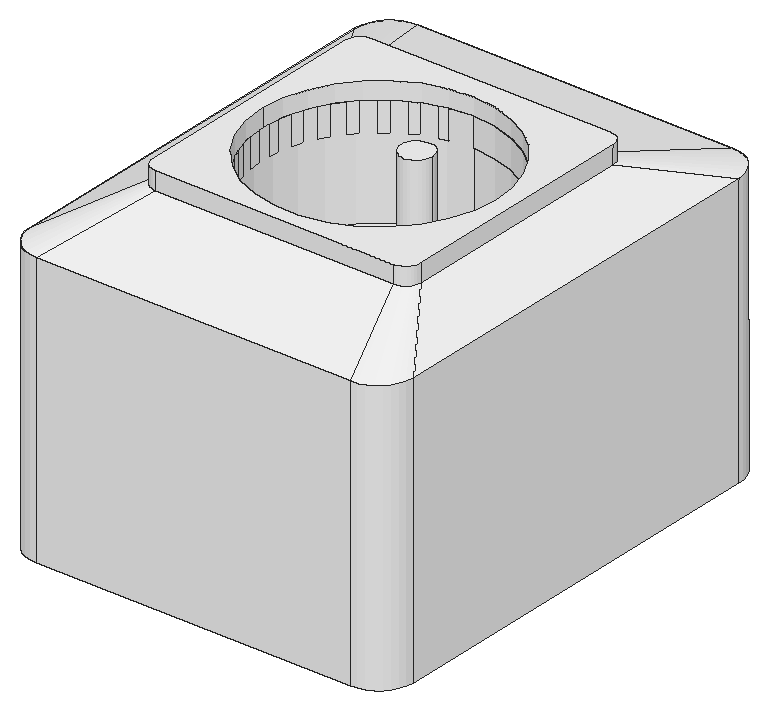
Revit family "Domotics-DomesticRanges-GEWISS-27COMBI_SYSTEM-IP40_SOCKET-OUTLET_FRA", category Apparecchi elettrici, host Superficie, Revit 2016
Family settings
  Host = Superficie
  Mantenere orientamento annotazione = Sì
  Tipo di parte = Normale
  Quota connettore circolare = Usa diametro
  Taglio con vuoti quando caricato = No
  Condiviso = No
  Punto di calcolo locali = Sì
Parameters (values of type "GW27815 - With 2P+E 16A french std socket IP40")
  Voltage: = "250 V ac"
  Voltage = "250 V ac"
  Volt = 230 V
  Vista in pianta [instance] = yes
  Version file RFA = "19.4"
  URL = "https://www.gewiss.com/ww/en"
  Type of knockout holes = "Removable with tool"
  Torque screws tightening = "0,8NM"
  Thermo-pressure with ball = "70 °C"
  Technical sheet = "https://www.gewiss.com/ww/en/search?q=GW27815"
  TXT ELETTRICO = "16"
  Standard; = "IEC 60884-1"
  Standard = "IEC 60884-1"
  Simbolo [instance] = yes
  SEO = "Enclosure"
  Realized by GEWISS S.p.A. = ""
  Default Elevation = 1219.2 mm
  Produttore = "GEWISS S.p.A."
  Outer dim. LxHxD (mm) = "66x82x55"
  No. knockout holes Ã˜23 = "3 on sides / 1 on the bottom"
  N. poli = 1
  N. holes Ã˜ 23 with cable gland = "1"
  Modello = "GW27815"
  Lid screws = "Corrosion-resistant steel"
  Insulation class = "II"
  Installation temperature = "-25 +60 °C"
  Immagine tipo = GW27815.jpg
  IP degree = "IP40"
  IFC.TypeObject = ""
  IFC.ExportType = ""
  IFC.ExportAs = ""
  IDT = "fbbf6834-0273-40a1-8642-03697b5d28ce"
  IDF = "16fccec5-9a65-49ca-b88a-1c901cb0a100"
  Glow Wire Test = "650°C"
  Electrocod = "0131"
  EAN code = "8011564095434"
  Distanza_x [instance] = 0 mm
  Distanza_effettiva_y [instance] = 100 mm
  Distanza_effettiva_x [instance] = 1000 mm - Distanza_x  # 1000 mm
  Distanza orizzontale del simbolo [instance] = 176.185 mm
  Distanza dal muro [instance] = 4.208 mm
  Descrizione = "2P+E 16A FRENCH STD SOCKET IP40"
  Description: = "Socket-outlet 2P+E - 16A"
  Colour = "Grey RAL 7035"
  Characteristics = "French standard"
  Catalogue Range = "27COMBI"
  Catalogue = "DOMOTICS"
  Carico apparente = 0 VA
  COBie.Tagnumber = ""
  COBie.CreatedOn = ""
  COBie.CreatebBy = ""
  COBie.ComponentRegisterItemID = ""
  COBie.Component.TagNumber = ""
  COBie.Component.Space = ""
  COBie.Component.SerialNumber = ""
  COBie.Component.InstallationDate = ""
  COBie.Component.Description = ""
  COBie.Component.BarCode = ""
Reference planes
  plane 1 "Centro (Fronte/Retro)": y = 0
  plane 2: z = 0
  plane 3 "Centro (Sinistra/Destra)": x = 0
  plane 4: x = -1000
  plane 5: x = 0
  plane 6: y = 100
Lines and regions (mm)
  Masking region 1, visible <- "Vista in pianta"
    outline origin (0, 0, 0) x (1, 0, 0) y (0, 0, 1)
      loop
        line (-33, 55) -> (-33, 0) -> (33, 0) -> (33, 55) -> (-33, 55)
  Masking region 2, visible <- "Vista in pianta"
    outline origin (0, 0, 0) x (0, 1, 0) y (0, 0, 1)
      loop
        line (-41, 55) -> (-41, 0) -> (41, 0) -> (41, 55) -> (-41, 55)
Dimensions and locks
  plane 4 to plane 3 "Centro (Sinistra/Destra)" = 1000 mm
  "Distanza_effettiva_x": plane 4 to plane 5
  "Distanza_effettiva_y": plane 6 to plane 1 "Centro (Fronte/Retro)"
  aligned and locked: plane 2 to host face
  aligned and locked: level to host face
  aligned and locked: plane 3 "Centro (Sinistra/Destra)" to nested 1
  aligned and locked: plane 1 "Centro (Fronte/Retro)" to nested 1
  aligned and locked: nested 2 to plane 6
  aligned and locked: plane 5 to nested 2
  aligned and locked: Masking region 1 sketch curve to nested 1  (x4)
  aligned and locked: Masking region 2 sketch curve to nested 1  (x3)
Automatic sketch dimensions
  host sketch curve to host sketch curve = 2438.4 mm  (x2)
  plane 1 "Centro (Fronte/Retro)" to Masking region 2 sketch curve = 41 mm
Nested families
  nested 1: "System Contenitori IP40 Compl Prese Fra_GENERICO" at (0, 0, 0), type "GW27815 Presa standard Francese 2P+T 16A protetta"
  nested 2: "SIMBOLO PRESE" at (0, 100, 0), TESTO ELETTRICO <- "TXT ELETTRICO", Distanza dal muro <- "Distanza dal muro", SIMBOLO <- "Simbolo", visible <- "Simbolo", type "PRESA"
    with TESTO ELETTRICO "16", SIMBOLO yes, Distanza dal muro 4.208 mm, BORDO ACCESO yes
Connectors
  electrical at (0, 0, 0), driven by "N. poli", driven by "Volt", driven by "Carico apparente"
    settings: on nested 1, index 1, voltage 230 V, apparent load 0 VA, apparent load phase1 0 VA, apparent load phase2 0 VA, apparent load phase3 0 VA, power factor 1, load classification "Altro", number of poles 1, system type 31, power factor state 1, is connector primary yes, connector utility no, sub classification motor no, connector description ""
Definition of nested family "System Contenitori IP40 Compl Prese Fra_GENERICO"
  Parameters (values of type "GW27815 Presa standard Francese 2P+T 16A protetta")
    Profondità = 55 mm
    Lunghezza = 82 mm
    Larghezza = 66 mm
    Finitura System IP40 = none
    Altezza da terra = 750 mm
  Reference planes
    plane 1 "Centro (Fronte/Retro)": y = 0
    plane 2: z = 0
    plane 3 "Centro (Sinistra/Destra)": x = 0
    plane 4: x = -33
    plane 5: x = 33
    plane 6 "Lato Estrusione Unione": z = 47
    plane 7 "Faccia Presa Indietro": z = 33
    plane 8: x = -23
    plane 9: x = 23
    plane 10 "Faccia Presa Avanti": z = 55
    plane 11: x = -20.156
    plane 12: z = 52
    plane 13: z = 8
  Forms (mm)
    Blend 1, solid, material <- "Finitura System IP40"
      base sketch origin (0, -791, 55) x (1, 0, 0) y (0, 1, 0)
        loop
          arc (-20.5, 814) -> (-22.268, 813.268) -> (-23, 811.5) r 2.5
          line (-23, 811.5) -> (-23, 770)
          arc (-23, 770) -> (-22.268, 768.232) -> (-20.5, 767.5) r 2.5
          line (-20.5, 767.5) -> (20.5, 767.5)
          arc (20.5, 767.5) -> (22.268, 768.232) -> (23, 770) r 2.5
          line (23, 770) -> (23, 811.5)
          arc (23, 811.5) -> (22.268, 813.268) -> (20.5, 814) r 2.5
          line (20.5, 814) -> (-20.5, 814)
      top sketch origin (0, -791, 55) x (1, 0, 0) y (0, 1, 0)
        loop
          arc (-27, 832) -> (-31.243, 830.243) -> (-33, 826) r 6
          line (-33, 826) -> (-33, 756)
          arc (-33, 756) -> (-31.243, 751.757) -> (-27, 750) r 6
          line (-27, 750) -> (27, 750)
          arc (27, 750) -> (31.243, 751.757) -> (33, 756) r 6
          line (33, 756) -> (33, 826)
          arc (33, 826) -> (31.243, 830.243) -> (27, 832) r 6
          line (27, 832) -> (-27, 832)
      from -3 to -8
    Extrusion 2, solid, material <- "Finitura System IP40"
      sketch origin (0, -791, 55) x (1, 0, 0) y (0, 1, 0)
        loop
          arc (-27, 832) -> (-31.243, 830.243) -> (-33, 826) r 6
          line (-33, 826) -> (-33, 756)
          arc (-33, 756) -> (-31.243, 751.757) -> (-27, 750) r 6
          line (-27, 750) -> (27, 750)
          arc (27, 750) -> (31.243, 751.757) -> (33, 756) r 6
          line (33, 756) -> (33, 826)
          arc (33, 826) -> (31.243, 830.243) -> (27, 832) r 6
          line (27, 832) -> (-27, 832)
        loop
          line (-31, 826) -> (-31, 756)
          arc (-31, 756) -> (-29.828, 753.172) -> (-27, 752) r 4
          line (-27, 752) -> (27, 752)
          arc (27, 752) -> (29.828, 753.172) -> (31, 756) r 4
          line (31, 756) -> (31, 826)
          arc (31, 826) -> (29.828, 828.828) -> (27, 830) r 4
          line (27, 830) -> (-27, 830)
          arc (-27, 830) -> (-29.828, 828.828) -> (-31, 826) r 4
      from -8 to -55
    Extrusion 3, solid, material <- "Finitura System IP40"
      sketch origin (0, -791, 55) x (1, 0, 0) y (0, 1, 0)
        loop
          arc (-20.5, 814) -> (-22.268, 813.268) -> (-23, 811.5) r 2.5
          line (-23, 811.5) -> (-23, 770)
          arc (-23, 770) -> (-22.268, 768.232) -> (-20.5, 767.5) r 2.5
          line (-20.5, 767.5) -> (20.5, 767.5)
          arc (20.5, 767.5) -> (22.268, 768.232) -> (23, 770) r 2.5
          line (23, 770) -> (23, 811.5)
          arc (23, 811.5) -> (22.268, 813.268) -> (20.5, 814) r 2.5
          line (20.5, 814) -> (-20.5, 814)
      from -3 to 0
    Extrusion 4, void
      sketch origin (0, -791, 55) x (1, 0, 0) y (0, 1, 0)
        loop
          circle (0, 790.026) r 20.156
      from 1.5 to -8
    Revolve 5, solid, material <- "Finitura System IP40"
      sketch origin (0, -791, 55) x (0, 0, -1) y (0, 1, 0)
        loop
          line (3, 810.182) -> (22, 810.182) -> (22, 790.026) -> (23, 790.026) -> (23, 811.231) -> (3, 811.231) -> (3, 810.182)
        axis (23, 790.026) -> (3, 790.026)
      angle from 0 to 360
    Extrusion 6, void, detail levels fine
      sketch origin (0, 0, 0) x (1, 0, 0) y (0, 1, 0)
        loop
          circle (-10.75, -5.936) r 3.5
        loop
          circle (10.75, -5.936) r 3.5
      from 8 to 33
    Extrusion 7, solid, material <- "Finitura System IP40", detail levels fine
      sketch origin (0, 0, 0) x (1, 0, 0) y (0, 1, 0)
        loop
          circle (0, 6.964) r 2.7
      from 32 to 52
  Cuts and joins
    Extrusion 4 cuts Blend 1
    Extrusion 4 cuts Extrusion 3
    Extrusion 4 cuts Extrusion 2
    Extrusion 6 cuts Revolve 5
  Lines and regions (mm)
    model lines, detail levels fine
      curve 1: circle (0, 6.964, 33) r 2.7 normal (0, 0, 1)
      curve 2: circle (10.75, -5.936, 33) r 3.5 normal (0, 0, 1)
      curve 3: circle (-10.75, -5.936, 33) r 3.5 normal (0, 0, -1)
  Dimensions and locks
    equal spacing: plane 5, plane 3 "Centro (Sinistra/Destra)", plane 4
    "Larghezza": plane 5 to plane 4
    locked: plane 5 to plane 9 at 10
    locked: plane 8 to plane 4 at 10
    locked: plane 8 to plane 3 "Centro (Sinistra/Destra)" at 23
    "Profondità": plane 2 to plane 10 "Faccia Presa Avanti"
    plane 6 "Lato Estrusione Unione" to plane 12 to plane 10 "Faccia Presa Avanti" = 5 mm, 3 mm
    plane 13 to plane 7 "Faccia Presa Indietro" = 25 mm
    aligned and locked: level to plane 2
    aligned and locked: Blend 1 sketch curve to plane 8
    aligned and locked: Blend 1 sketch curve to plane 9
    aligned and locked: plane 4 to Blend 1 sketch curve
    aligned and locked: plane 5 to Blend 1 sketch curve
    aligned and locked: Blend 1 to plane 6 "Lato Estrusione Unione"
    aligned and locked: plane 4 to Extrusion 2 sketch curve
    aligned and locked: Extrusion 3 sketch curve to plane 8
    aligned and locked: Extrusion 3 sketch curve to plane 9
    aligned and locked: plane 10 "Faccia Presa Avanti" to Extrusion 3
    aligned and locked: Revolve 5 sketch curve to plane 7 "Faccia Presa Indietro"
    aligned and locked: cut or joined group of Extrusion 2, Extrusion 4 to plane 2
    aligned and locked: Extrusion 2 to plane 6 "Lato Estrusione Unione"
    aligned and locked: Blend 1 to Revolve 5
    aligned and locked: Extrusion 3 to cut or joined group of Blend 1, Extrusion 4
    aligned and locked: cut or joined group of Extrusion 3, Extrusion 4 to plane 12
    aligned and locked: Extrusion 6 to plane 13
    aligned and locked: Extrusion 6 to plane 7 "Faccia Presa Indietro"
    aligned and locked: Extrusion 7 to cut or joined group of Revolve 5, Extrusion 6
    aligned and locked: cut or joined group of Blend 1, Extrusion 4 to Extrusion 7
  Automatic sketch dimensions
    plane 11 to Blend 1 sketch curve = 0.344 mm  (x2)
    Blend 1 sketch curve to plane 9 = 2.5 mm  (x2)
    plane 1 "Centro (Fronte/Retro)" to Blend 1 sketch curve = 23.5 mm
    Blend 1 sketch curve to Blend 1 sketch curve = 41.5 mm
    plane 8 to Blend 1 sketch curve = 4 mm  (x2)
    plane 9 to Blend 1 sketch curve = 4 mm  (x2)
    plane 1 "Centro (Fronte/Retro)" to Blend 1 sketch curve = 41 mm
    Blend 1 sketch curve to Blend 1 sketch curve = 70 mm
    Extrusion 2 sketch curve to Extrusion 2 sketch curve = 0 mm  (x8)
    Extrusion 2 sketch curve to plane 5 = 0 mm
    Extrusion 2 sketch curve to Extrusion 2 sketch curve = 2 mm
    plane 8 to Extrusion 2 sketch curve = 4 mm  (x2)
    plane 9 to Extrusion 2 sketch curve = 4 mm  (x2)
    plane 1 "Centro (Fronte/Retro)" to Extrusion 2 sketch curve = 41 mm
    Extrusion 2 sketch curve to Extrusion 2 sketch curve = 70 mm
    plane 11 to Extrusion 3 sketch curve = 0.344 mm  (x2)
    Extrusion 3 sketch curve to plane 9 = 2.5 mm  (x2)
    plane 1 "Centro (Fronte/Retro)" to Extrusion 3 sketch curve = 23.5 mm
    Extrusion 3 sketch curve to Extrusion 3 sketch curve = 41.5 mm
    Extrusion 4 sketch curve to plane 3 "Centro (Sinistra/Destra)" = 0 mm
    plane 1 "Centro (Fronte/Retro)" to Extrusion 4 sketch curve = 0.974 mm
    plane 10 "Faccia Presa Avanti" to Revolve 5 sketch curve = 3 mm
    plane 7 "Faccia Presa Indietro" to Revolve 5 sketch curve = 1 mm
    plane 1 "Centro (Fronte/Retro)" to Revolve 5 sketch curve = 0.974 mm  (x2)
    Revolve 5 sketch curve to plane 1 "Centro (Fronte/Retro)" = 19.182 mm
    Revolve 5 sketch curve to Revolve 5 sketch curve = 1.049 mm
    Revolve 5 sketch curve to plane 10 "Faccia Presa Avanti" = 3.373 mm
    Revolve 5 sketch curve to Revolve 5 sketch curve = 0 mm
    plane 1 "Centro (Fronte/Retro)" to curve 3 = 5.936 mm
    curve 1 to plane 3 "Centro (Sinistra/Destra)" = 0 mm
    plane 1 "Centro (Fronte/Retro)" to curve 2 = 5.936 mm
    curve 3 to plane 3 "Centro (Sinistra/Destra)" = 10.75 mm
    plane 3 "Centro (Sinistra/Destra)" to curve 2 = 10.75 mm
    curve 1 to plane 1 "Centro (Fronte/Retro)" = 6.964 mm
    radius of Extrusion 4 sketch curve = 20.156 mm
    radius of curve 1 = 2.7 mm
    radius of curve 2 = 3.5 mm
    radius of curve 3 = 3.5 mm
Definition of nested family "SIMBOLO PRESE"
  Parameters (values of type "PRESA")
    TESTO ELETTRICO [instance] = "TXT"
    Simbolo = SIMBOLO PRESE_BASE : PRESA
    SIMBOLO [instance] = yes
    Distanza dal muro [instance] = 4.208 mm
    BORDO ACCESO [instance] = yes
  Reference planes
    plane 1: y = 0
    plane 2: x = 0
  Dimensions and locks
    aligned and locked: plane 1 to nested 1
    aligned and locked: plane 2 to nested 1
  Nested families
    nested 1: "SIMBOLO PRESE_BASE" at (0, 0, 0), type <- "Simbolo", TESTO ELETTRICO <- "TESTO ELETTRICO", BORDO ACCESO <- "BORDO ACCESO", visible <- "SIMBOLO", type "PRESA"
      with TESTO ELETTRICO "TXT", BORDO ACCESO yes
  Definition of nested family "SIMBOLO PRESE_BASE"
    Parameters (values of type "PRESA")
      TESTO ELETTRICO [instance] = "TXT"
      Distanza dal muro = 4.208 mm
      BORDO ACCESO [instance] = yes
    Reference planes
      plane 1: y = 0
      plane 2: x = 0
    Lines and regions (mm)
      detail lines, visible <- "BORDO ACCESO", not visible
        curve 1: line (-1.743, 9.208, 0) -> (2.057, 9.208, 0)
        curve 2: line (2.057, 9.208, 0) -> (2.057, 4.208, 0)
        curve 3: line (2.057, 4.208, 0) -> (-1.743, 4.208, 0)
        curve 4: line (-1.743, 4.208, 0) -> (-1.743, 9.208, 0)
        curve 5: line (-1.543, 9.008, 0) -> (1.857, 9.008, 0)
        curve 6: line (1.857, 9.008, 0) -> (1.857, 4.408, 0)
        curve 7: line (1.857, 4.408, 0) -> (-1.543, 4.408, 0)
        curve 8: line (-1.543, 4.408, 0) -> (-1.543, 9.008, 0)
      detail lines
        curve 9: line (0.783, 1.133, 0) -> (-0.783, 1.133, 0)
        curve 10: line (0, 1.133, 0) -> (0, 0.349, 0)
        curve 11: arc (-0.783, 1.916, 0) -> (0, 1.133, 0) -> (0.783, 1.916, 0) r 0.783
    Text (mm)
      label "TXT" at (0.016, 1.578, 0), shows "TESTO ELETTRICO"
